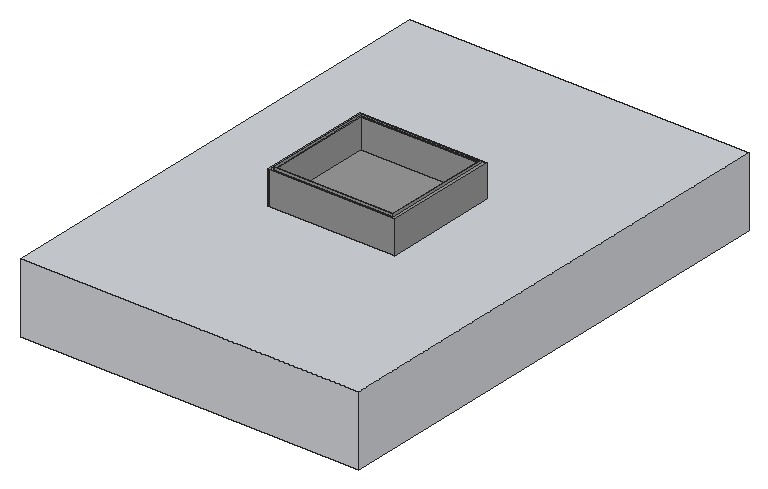
Revit family "Hager-Univers-IP30-D160-Cl.II-FWB-encl--NL-en", category Equipement électrique, Revit 2020
Family settings
  Hôte = Face
  Configuration du panneau = Deux colonnes, circuits au sein
  Cote de connecteur circulaire = Utiliser le diamètre
  Type d'élément = Tableau de raccordement
  Couper avec des vides une fois chargée = Non
  Partagée = Non
  Point de calcul de pièce = Non
Parameters (values of type "Surface mounted (plaster) IP30 W550 H500 D160  - FWQ32D1")
  Width Control [instance] = if([EF000008 - Width] > Min Width, [EF000008 - Width], Min Width)  # 550 mm
  Commentaires du type = [HG000003 - Range]  # "Univers"
  Thickness Door [instance] = if([EF009171 - Material plate thickness door/cover] > 3 mm, 3 mm, [EF009171 - Material plate thickness door/cover])  # 1 mm
  Seal Frame Offset [instance] = 17 mm  # constant formula
  Plinth Visibility [instance] = [HG000027 - Plinth height] > 0 mm  # no
  Model = ""
  Min Width [instance] = 100 mm  # constant formula
  Min Height [instance] = 100 mm  # constant formula
  Min Depth [instance] = (2 * [EF009170 - Material plate thickness cabinet]) + 1 mm  # 3 mm
  Internal Frame Depth [instance] = (Door System Depth * 0.5)  # 9 mm
  Height Control [instance] = if([EF000040 - Height] > Min Height, [EF000040 - Height], Min Height)  # 500 mm
  HG000027 - Plinth height = 0 mm
  HG000026 - Floor standing = no
  HG000024 - Bottom section height = 800 mm
  HG000023 - Double section enclosure = no
  HG000016 - Door 3d visibility [instance] = yes
  HG000015 - Clearance visibility [instance] = no
  HG000014 - Door on the right [instance] = yes
  HG000013 - Door on the left [instance] = not([HG000014 - Door on the right])  # no
  HG000012 - Door swing angle [instance] = 30.00°
  HG000010 - Asymmetric doors = no
  HG000009 - Double swing door = no
  HG000006 - Flush mounted = no
  HG000004 - Manufacturer reference = "FWQ32D1"
  HG000003 - Range = "Univers"
  HG000002 - With door or cover = no
  Frame Offset Bottom [instance] = 10 mm  # constant formula
  Frame Offset [instance] = 15 mm  # constant formula
  EF015940 - Cover with overpressure release = no
  EF011959 - Degree of protection (NEMA) = ""
  EF009554 - Number of openings for flange plates = 4
  EF009212 - Cover model = "EV009916 - With notch"
  EF009171 - Material plate thickness door/cover = 1 mm
  EF009170 - Material plate thickness cabinet = 1 mm
  Fabricant = "Hager"  # constant formula
  EF008873 - Nominal current (In) = 125 A
  EF007800 - Suitable for lightning protection = no
  EF006306 - With lock = no
  EF006244 - Transparent cover/door = no
  EF005474 - Degree of protection (IP) = "EV006410 - IP30"
  EF004464 - Type of door = "EV002646 - Single"
  EF004427 - Number of modules = 72
  EF004293 - Impact strength = ""
  EF003532 - Suitable for outdoor use = no
  EF002950 - Width in number of modular spacings = 24
  EF001613 - Circuit integrity = "EV000494 - None"
  EF001596 - Material housing = "EV000179 - Steel"
  EF001131 - Internal depth = 160 mm
  EF001088 - Extension possible = yes
  EF000437 - Number of conduit inlets = 8
  EF000339 - Type of cover = "EV001012 - Cover"
  EF000266 - Number of rows = 6
  EF000218 - Built-in depth = 0 mm
  EF000118 - With mounting plate = yes
  EF000116 - RAL-number = "9010"
  EF000049 - Depth = 160 mm
  EF000040 - Height = 500 mm
  EF000008 - Width = 550 mm
  EF000007 - Colour = "EV000202 - White"
  EF000003 - Mounting method = "EV000384 - Surface mounted (plaster)"
  Door System Leaf Tolerance [instance] = 1.5 mm  # constant formula
  Door System Depth [instance] = 18 mm  # constant formula
  Door Height [instance] = Height Control - [HG000027 - Plinth height]  # 500 mm
  Depth Control [instance] = if([EF000049 - Depth] > Min Depth, [EF000049 - Depth], Min Depth)  # 160 mm
  Default Elevation = 0 mm
  Connector Offset [instance] = Height Control / 2  # 250 mm
  Bottom Top Plate Trim [instance] = 1.5 mm  # constant formula
  Plinth height Ctrl [instance] = if([HG000027 - Plinth height] > 0 mm, [HG000027 - Plinth height], 12 mm)  # 12 mm
Types (2, lengths in mm): name | Width Control | Thickness Door | Min Depth | HG000004 - Manufacturer reference | EF009554 - Number of openings for flange plates | EF009171 - Material plate thickness door/cover | EF009170 - Material plate thickness cabinet | EF004427 - Number of modules | EF002950 - Width in number of modular spacings | EF000437 - Number of conduit inlets | EF000266 - Number of rows | EF000008 - Width
  Surface mounted (plaster) IP30 W300 H500 D160  - FWQ31D1 | 300 | 2 | 5 | "FWQ31D1" | 2 | 2 | 2 | 36 | 12 | 4 | 3 | 300
  Surface mounted (plaster) IP30 W550 H500 D160  - FWQ32D1 | 550 | 1 | 3 | "FWQ32D1" | 4 | 1 | 1 | 72 | 24 | 8 | 6 | 550
Reference planes
  plane 1 "Center (Front/Back)": y = 0
  plane 2: z = 0
  plane 3 "Center (Left/Right)": x = 0
  plane 4: z = 160
  plane 5: y = 1
  plane 6: y = 250
  plane 7: y = 0
  plane 8: y = 500
  plane 9: z = 0
  plane 10: x = -260
  plane 11: x = 260
  plane 12: x = 259
  plane 13: x = -259
  plane 14: y = 499
  plane 15: x = -258
  plane 16: x = -275
  plane 17: x = 258
  plane 18: x = 275
  plane 19: x = 274
  plane 20: x = -274
  plane 21: y = 11
  plane 22: y = 500
  plane 23: y = 484
  plane 24: z = 142
  plane 25: z = 1
  plane 26: z = 141
  plane 27: z = 159
Forms (mm)
  Extrusion 1, solid
    sketch origin (0, 0, 0) x (1, 0, 0) y (0, 1, 0)
      loop
        line (-702.964, 1305) -> (-702.964, -811.445) -> (766.763, -811.445) -> (766.763, 1305) -> (-702.964, 1305)
    from 0 to -304.8
  Extrusion 2, solid, material "Hager_Steel_RAL7035_Light_Grey", visible <- "Plinth Visibility", detail levels medium+fine
    sketch origin (0, 0, 0) x (1, 0, 0) y (0, 1, 0)
      loop
        line (-275, 0) -> (275, 0) -> (275, 12) -> (-275, 12) -> (-275, 0)
    from 0 to 142
  Extrusion 3, solid, material "Hager_Steel_RAL7035_Light_Grey", detail levels medium+fine
    sketch origin (0, 0, 0) x (1, 0, 0) y (0, 1, 0)
      loop
        line (-275, 0) -> (275, 0) -> (275, 500) -> (-275, 500) -> (-275, 0)
    from 0 to 142
  Extrusion 4, void
    sketch origin (0, 0, 0) x (1, 0, 0) y (0, 1, 0)
      loop
        line (-274, 1) -> (274, 1) -> (274, 499) -> (-274, 499) -> (-274, 1)
    from 1 to 141
  Extrusion 5, void
    sketch origin (-381.607, -4572, 142) x (0, -1, 0) y (-1, 0, 0)
      loop
        line (-4583, -122.607) -> (-5056, -122.607) -> (-5056, -640.607) -> (-4583, -640.607) -> (-4583, -122.607)
    from 0 to 1 <- "EF009170 - Material plate thickness cabinet"
  Extrusion 6, solid, material "Hager_Steel_RAL7035_Light_Grey", detail levels fine
    sketch origin (0, 0, 142) x (1, 0, 0) y (0, 1, 0)
      loop
        line (-259, 484) -> (-259, 11) -> (259, 11) -> (259, 484) -> (-259, 484)
      loop
        line (-260, 10) -> (260, 10) -> (260, 485) -> (-260, 485) -> (-260, 10)
    from 0 to 9 <- "Internal Frame Depth"
  Extrusion 7, solid, material "Hager_Steel_RAL7035_Light_Grey", detail levels coarse
    sketch origin (0, 0, 0) x (1, 0, 0) y (0, 1, 0)
      loop
        line (-275, 0) -> (275, 0) -> (275, 500) -> (-275, 500) -> (-275, 0)
    from 0 to 160
  Sweep 8, void
    path in 3D
      loop
        line (-275, 12, 0) -> (275, 12, 0) -> (275, 12, 142) -> (-275, 12, 142) -> (-275, 12, 0)
    profile origin (-275, 12, 71) x (-1, 0, 0) y (0, -1, 0)
      loop
        line (0, 0) -> (0, 1.5) -> (-1.5, 1.5)
        arc (-1.5, 1.5) -> (-1.061, 0.439) -> (0, 0) r 1.5
Cuts and joins
  Extrusion 4, Extrusion 5 cuts Extrusion 3
  Sweep 8 cuts Extrusion 2
Lines and regions (mm)
  Masking region 1
    outline origin (0, 0, 0) x (1, 0, 0) y (0, 0, 1)
      loop
        line (-275, 160) -> (-275, 0) -> (275, 0) -> (275, 160) -> (-275, 160)
  Masking region 2, detail levels medium+fine
    outline origin (0, 140, 0) x (0, 1, 0) y (0, 0, 1)
      loop
        line (-140, 0) -> (360, 0) -> (360, 142) -> (-140, 142) -> (-140, 0)
  Masking region 3, not visible, detail levels medium+fine
    outline origin (0, 297.922, 0) x (0, 1, 0) y (0, 0, 1)
      loop
        line (-36.422, 0) -> (3.578, 0) -> (3.578, 149)
        arc (3.578, 149) -> (0.649, 156.071) -> (-6.422, 159) r 10
        line (-6.422, 159) -> (-36.422, 159) -> (-36.422, 0)
  Masking region 4, detail levels coarse
    outline origin (0, 0, 180) x (0, 1, 0) y (0, 0, 1)
      loop
        line (0, -180) -> (500, -180) -> (500, -20) -> (0, -20) -> (0, -180)
  Masking region 5, visible <- "Plinth Visibility", detail levels medium+fine
    outline origin (0, 52.24, 12.345) x (0, 0, -1) y (0, 1, 0)
      loop
        line (10.845, -40.24) -> (-128.155, -40.24)
        arc (-128.155, -40.24) -> (-128.594, -41.301) -> (-129.655, -41.74) r 1.5
        line (-129.655, -41.74) -> (-129.655, -52.24) -> (12.345, -52.24) -> (12.345, -41.74)
        arc (12.345, -41.74) -> (11.285, -41.301) -> (10.845, -40.24) r 1.5
  Masking region 6, detail levels medium+fine
    outline origin (-381.607, -4572, 142) x (-1, 0, 0) y (0, -1, 0)
      loop
        line (-106.607, -5072) -> (-106.607, -4572) -> (-656.607, -4572) -> (-656.607, -5072) -> (-106.607, -5072)
  Masking region 7, visible <- "Plinth Visibility", detail levels medium+fine
    outline origin (-381.607, -4727, 142) x (-1, 0, 0) y (0, -1, 0)
      loop
        arc (-108.107, -4739) -> (-107.668, -4737.939) -> (-106.607, -4737.5) r 1.5
        line (-106.607, -4737.5) -> (-106.607, -4727) -> (-656.607, -4727) -> (-656.607, -4737.5)
        arc (-656.607, -4737.5) -> (-655.546, -4737.939) -> (-655.107, -4739) r 1.5
        line (-655.107, -4739) -> (-108.107, -4739)
  Masking region 8, detail levels coarse
    outline origin (-442.548, -4669.526, 142) x (-1, 0, 0) y (0, -1, 0)
      loop
        line (-167.548, -5169.526) -> (-167.548, -4669.526) -> (-717.548, -4669.526) -> (-717.548, -5169.526) -> (-167.548, -5169.526)
  sketch lines
    curve 1: line (-275, 12, 142) -> (-275, 12, 0)
    curve 2: line (275, 12, 142) -> (-275, 12, 142)
    curve 3: line (275, 12, 142) -> (275, 12, 0)
    curve 4: line (-275, 12, 0) -> (275, 12, 0)
Dimensions and locks
  "Depth Control": plane 4 to Extrusion 1
  "HG000027 - Plinth height": plane 1 "Center (Front/Back)" to plane 7
  "EF009170 - Material plate thickness cabinet": plane 5 to plane 7
  locked: connector elem to plane 3 "Center (Left/Right)"
  equal spacing: plane 8, plane 6, plane 7
  locked: connector elem to plane 6
  "EF009170 - Material plate thickness cabinet": plane 8 to plane 14
  "EF009170 - Material plate thickness cabinet": plane 10 to plane 13
  "EF009170 - Material plate thickness cabinet": plane 12 to plane 11
  "Frame Offset": plane 20 to plane 13
  "Frame Offset": plane 12 to plane 19
  "EF009170 - Material plate thickness cabinet": plane 16 to plane 20
  "EF009170 - Material plate thickness cabinet": plane 19 to plane 18
  "Seal Frame Offset": plane 16 to plane 15
  "Seal Frame Offset": plane 17 to plane 18
  "Frame Offset Bottom": plane 21 to plane 5
  "Frame Offset": plane 14 to plane 23
  equal spacing: plane 16, plane 3 "Center (Left/Right)", plane 18
  "Width Control": plane 16 to plane 18
  "EF009170 - Material plate thickness cabinet": plane 4 to plane 27
  "EF009170 - Material plate thickness cabinet": plane 24 to plane 26
  "EF009170 - Material plate thickness cabinet": plane 25 to level
  "Door System Depth": plane 4 to plane 24
  "Height Control": plane 1 "Center (Front/Back)" to Extrusion 7 sketch curve
  "Height Control": Masking region 4 sketch curve to plane 1 "Center (Front/Back)"
  "Height Control": plane 1 "Center (Front/Back)" to plane 22
  "Bottom Top Plate Trim": profile plane to Sweep 8 sketch curve
  "Bottom Top Plate Trim": Sweep 8 sketch curve to profile plane
  "Plinth height Ctrl": plane 1 "Center (Front/Back)" to Extrusion 2 sketch curve
  "Plinth height Ctrl": Masking region 5 sketch curve to plane 1 "Center (Front/Back)"
  "Plinth height Ctrl": plane 1 "Center (Front/Back)" to Masking region 7 sketch curve
  "Thickness Door": Extrusion 6 sketch curve to Extrusion 6 sketch curve  (x3)
  "Thickness Door": cut or joined group of Extrusion 3, Extrusion 4, Extrusion 5 to Extrusion 6 sketch curve
  radius of Masking region 3 sketch curve = 10 mm
  "Bottom Top Plate Trim": radius of Masking region 5 sketch curve  (x2)
  "Bottom Top Plate Trim": radius of Sweep 8 sketch curve
  "Bottom Top Plate Trim": radius of Masking region 7 sketch curve  (x2)
  aligned and locked: plane 2 to Extrusion 1
  aligned and locked: level to Extrusion 1
  aligned and locked: level to Masking region 1 sketch curve
  aligned and locked: Masking region 1 sketch curve to plane 18
  aligned and locked: Masking region 1 sketch curve to plane 16
  aligned and locked: plane 7 to Masking region 2 sketch curve
  aligned and locked: level to Masking region 3 sketch curve
  aligned and locked: Masking region 3 sketch curve to plane 27
  aligned and locked: level to Masking region 2 sketch curve
  aligned and locked: plane 1 "Center (Front/Back)" to Extrusion 2 sketch curve
  aligned and locked: Extrusion 3 sketch curve to plane 7
  aligned and locked: plane 16 to Extrusion 3 sketch curve
  aligned and locked: plane 18 to Extrusion 3 sketch curve
  aligned and locked: plane 20 to Extrusion 4 sketch curve
  aligned and locked: plane 19 to Extrusion 4 sketch curve
  aligned and locked: Extrusion 4 sketch curve to plane 5
  aligned and locked: Extrusion 4 to plane 25
  aligned and locked: plane 26 to Extrusion 4
  aligned and locked: plane 24 to Extrusion 3
  aligned and locked: Extrusion 5 sketch curve to plane 21
  aligned and locked: Extrusion 5 sketch curve to plane 13
  aligned and locked: Extrusion 5 sketch curve to plane 12
  aligned and locked: plane 18 to Extrusion 7 sketch curve
  aligned and locked: plane 1 "Center (Front/Back)" to Extrusion 7 sketch curve
  aligned and locked: plane 16 to Extrusion 7 sketch curve
  aligned and locked: plane 4 to Extrusion 7
  aligned and locked: Extrusion 7 to level
  aligned and locked: level to Masking region 4 sketch curve
  aligned and locked: Masking region 4 sketch curve to plane 1 "Center (Front/Back)"
  aligned and locked: Masking region 4 sketch curve to plane 4
  aligned and locked: nested 1 to level
  aligned and locked: nested 1 to plane 16
  aligned and locked: plane 8 to Extrusion 3 sketch curve
  aligned and locked: plane 23 to Extrusion 5 sketch curve
  aligned and locked: plane 14 to Extrusion 4 sketch curve
  aligned and locked: Masking region 2 sketch curve to plane 8
  aligned and locked: level to Masking region 5 sketch curve
  aligned and locked: plane 16 to Extrusion 2 sketch curve
  aligned and locked: plane 18 to Extrusion 2 sketch curve
  aligned and locked: Masking region 5 sketch curve to plane 24
  aligned and locked: Masking region 2 sketch curve to plane 24
  aligned and locked: plane 24 to Extrusion 2
  aligned and locked: profile plane to Sweep 8 sketch curve  (x2)
  aligned and locked: Masking region 6 sketch curve to plane 18
  aligned and locked: Masking region 6 sketch curve to plane 22
  aligned and locked: Masking region 6 sketch curve to plane 16
  aligned and locked: plane 8 to plane 22
  aligned and locked: plane 7 to Masking region 6 sketch curve
  aligned and locked: Masking region 7 sketch curve to plane 16
  aligned and locked: Masking region 7 sketch curve to plane 1 "Center (Front/Back)"
  aligned and locked: Masking region 7 sketch curve to plane 18
  aligned and locked: Masking region 8 sketch curve to plane 1 "Center (Front/Back)"
  aligned and locked: Masking region 8 sketch curve to plane 18
  aligned and locked: Masking region 8 sketch curve to plane 22
  aligned and locked: Masking region 8 sketch curve to plane 16
  aligned and locked: nested 2 to plane 7
  aligned and locked: plane 3 "Center (Left/Right)" to nested 2
  aligned and locked: nested 2 to plane 24
  aligned and locked: Extrusion 6 sketch curve to cut or joined group of Extrusion 3, Extrusion 4, Extrusion 5  (x4)
Automatic sketch dimensions
  Extrusion 1 sketch curve to Extrusion 1 sketch curve = 1469.727 mm
  Extrusion 1 sketch curve to Extrusion 1 sketch curve = 2116.445 mm
  Masking region 1 sketch curve to plane 4 = 0 mm
  plane 6 to Masking region 3 sketch curve = 11.5 mm
  Masking region 3 sketch curve to Masking region 3 sketch curve = 30 mm
  Masking region 5 sketch curve to plane 1 "Center (Front/Back)" = 0 mm
Nested families
  nested 1: "Hager_Enclosure_Symbol" at (-275, 0, 0) x (1, 0, 0) z (0, -1, 0), Height <- "Depth Control", Width <- "Width Control", type "Hager_Enclosure_Symbol"
    with Width_Ctrl 550 mm, Width 550 mm, Height_Ctrl 160 mm, Height 160 mm, A_Width_Int 10.5 mm, A_Width 126 mm, A_Height_Ctrl 140 mm, A_Height 140 mm
  nested 2: "EC000058_Univers_Door" at (0, 0, 142) x (1, 0, 0) z (0, 1, 0), Leaf_Tolerance <- "Door System Leaf Tolerance", Angle <- "HG000012 - Door swing angle", Door_Depth <- "Door System Depth", Door_Left <- "HG000013 - Door on the left", Transparent <- "EF006244 - Transparent cover/door", Assymetrical <- "HG000010 - Asymmetric doors", Width <- "Width Control", Clearance <- "HG000015 - Clearance visibility", Double <- "HG000009 - Double swing door", 3d_Door <- "HG000016 - Door 3d visibility", Lock_Visibility <- "EF006306 - With lock", Width_Ctrl <- "Width Control", Door_Right <- "HG000014 - Door on the right", Door <- "HG000002 - With door or cover", Height <- "Door Height", Thickness <- "Thickness Door", type "EC000058_Univers_Door", detail levels medium+fine
    with min_wh 3 mm, Width_Ctrl 550 mm, Width 550 mm, Transparent no, Thickness 1 mm, Seal_Material Hager_Rubber, Lock_Visibility no, Lock_Material Hager_Plastic_RAL9005_Jet_Black, Leaf_Width 550 mm, Leaf_Tolerance_External_Sides 0 mm, Leaf_Tolerance 1.5 mm, Leaf_Offset 0 mm, Leaf_Height 497 mm, Leaf_2_Width 550 mm, Leaf_2_Offset 275 mm, Leaf_1_Width 550 mm, Leaf_1_Offset 275 mm, Height_Ctrl 500 mm, Height 500 mm, Glass_Material Hager_Glass, Double_Clearance_Ctrl no, Double no, Door_Right_Ctrl no, Door_Right yes, Door_Material Hager_Steel_RAL7035_Light_Grey, Door_Left_Ctrl no, Door_Left no, Door_Depth 18 mm, Door no, Clearance_Material Hager_Clearance, Clearance_Depth 550 mm, Clearance_Ctrl no, Clearance no, Assymetrical no, Angle 30.00°, 3d_Door yes
Connectors
  electrical at (0, 250, 0)
    settings: on plane 9, index 1, voltage 0 V, apparent load 0 VA, apparent load phase1 0 VA, apparent load phase2 0 VA, apparent load phase3 0 VA, power factor 1, load classification "Other", number of poles 1, system type 30, power factor state 1, is connector primary yes, connector utility no, sub classification motor no, connector description ""
Definition of nested family "Hager_Enclosure_Symbol"
  Parameters (values of type "Hager_Enclosure_Symbol")
    Width_Ctrl [instance] = if(Width > 1 mm, Width, 1 mm)  # 102.27 mm
    Width [instance] = 102.27 mm
    Height_Ctrl [instance] = if(Height > 1 mm, Height, 1 mm)  # 66.5 mm
    A_Width_Int [instance] = if(A_Width / 12 > 2 mm, A_Width / 12, 2 mm)  # 4.364 mm
    A_Width [instance] = if(A_Height_Ctrl * 0.9 > 2 mm, A_Height_Ctrl * 0.9, 2 mm)  # 52.369 mm
    A_Height_Ctrl [instance] = if(A_Height > 2 mm, A_Height, 2 mm)  # 58.188 mm
    Height [instance] = 66.5 mm
    A_Height [instance] = Height - (Height / 8)  # 58.188 mm
  Reference planes
    plane 1 "Centre (avant/arrière)": y = 0
    plane 2: z = 0
    plane 3 "Centre (gauche/droite)": x = 0
    plane 4: x = 52.369
    plane 5: y = 33.042
    plane 6: y = 41.77
    plane 7: y = 66.5
    plane 8: x = 26.184
    plane 9: y = 37.406
    plane 10: x = 102.27
    plane 11: y = 66.5
    plane 12: y = 8.313
  Lines and regions (mm)
    Filled region 1, type "Solid_Black", in view "Niveau de réf."
      outline origin (0, 0, 0) x (1, 0, 0) y (0, 1, 0)
        loop
          line (52.369, 66.5) -> (33.188, 54.536) -> (45.365, 45.006) -> (52.369, 66.5)
    Filled region 2, type "Solid_Black", in view "Niveau de réf."
      outline origin (0, 0, 0) x (1, 0, 0) y (0, 1, 0)
        loop
          line (0, 0) -> (102.27, 0) -> (102.27, 66.5) -> (0, 0)
    detail lines, in view "Niveau de réf."
      curve 1: line (0, 8.313, 0) -> (26.184, 41.77, 0)
      curve 2: line (26.184, 41.77, 0) -> (26.184, 33.042, 0)
      curve 3: line (26.184, 33.042, 0) -> (52.369, 66.5, 0)
  Dimensions and locks
    "A_Width": plane 3 "Centre (gauche/droite)" to plane 4
    equal spacing: plane 3 "Centre (gauche/droite)", plane 8, plane 4
    equal spacing: plane 6, plane 9, plane 5
    equal spacing: curve 3, Filled region 1 sketch curve, Filled region 1 sketch curve
    "Height_Ctrl": plane 1 "Centre (avant/arrière)" to plane 11
    "A_Height_Ctrl": plane 11 to plane 12
    equal spacing: plane 11, plane 9, plane 12
    "A_Width_Int": plane 6 to plane 9
    "Width_Ctrl": plane 3 "Centre (gauche/droite)" to plane 10
    angle Filled region 1 sketch curve to curve 3 = 20.00°
    angle curve 3 to Filled region 1 sketch curve = 20.00°
    locked: curve 3 to Filled region 1 sketch curve (angle 90.00°)
    aligned and locked: plane 10 to Filled region 2
    aligned and locked: plane 11 to Filled region 2 sketch curve
    aligned and locked: plane 10 to Filled region 2 sketch curve
    aligned and locked: plane 3 "Centre (gauche/droite)" to curve 1
    aligned and locked: plane 12 to curve 1
    aligned and locked: plane 7 to plane 11
  Automatic sketch dimensions
    Filled region 1 sketch curve to plane 4 = 0 mm
    Filled region 1 sketch curve to plane 7 = 0 mm
    plane 1 "Centre (avant/arrière)" to Filled region 2 sketch curve = 0 mm
    Filled region 2 sketch curve to plane 3 "Centre (gauche/droite)" = 0 mm
    curve 2 to plane 6 = 0 mm
    curve 2 to plane 8 = 0 mm
    curve 3 to plane 4 = 0 mm
    curve 2 to plane 5 = 0 mm
    curve 3 to plane 7 = 0 mm
Definition of nested family "EC000058_Univers_Door"
  Parameters (values of type "EC000058_Univers_Door")
    min_wh [instance] = (2 * Thickness) + 1 mm  # 11 mm
    Width_Ctrl [instance] = 400 mm
    Width [instance] = 500 mm
    Transparent [instance] = yes
    Thickness [instance] = 5 mm
    Seal_Material [instance] = none
    Lock_Visibility [instance] = yes
    Lock_Material [instance] = none
    Leaf_Width [instance] = if((Width_Ctrl - 2 * Leaf_Tolerance_External_Sides) > 0 mm, (Width_Ctrl - 2 * Leaf_Tolerance_External_Sides), min_wh)  # 400 mm
    Leaf_Tolerance_External_Sides [instance] = 0 mm  # constant formula
    Leaf_Tolerance [instance] = 1.5 mm
    Leaf_Offset [instance] = 0 mm  # constant formula
    Leaf_Height [instance] = if((Height_Ctrl - 2 * Leaf_Tolerance) > 0 mm, (Height_Ctrl - 2 * Leaf_Tolerance), min_wh)  # 497 mm
    Leaf_2_Width [instance] = if(and(and(Double, Assymetrical), Door_Left), (Leaf_Width / 3) - (Leaf_Tolerance / 2), if(and(and(Double, Assymetrical), Door_Right), (Leaf_Width / 3) * 2 - (Leaf_Tolerance / 2), if(and(Double, not(Assymetrical)), (Leaf_Width / 2) - Leaf_Tolerance, Leaf_Width)))  # 400 mm
    Leaf_2_Offset [instance] = if(and(Double, Assymetrical), Leaf_2_Width / 2, if(and(Double, not(Assymetrical)), Leaf_Width / 4, Leaf_Width / 2))  # 200 mm
    Leaf_1_Width [instance] = if(and(and(Double, Assymetrical), Door_Right), (Leaf_Width / 3) - (Leaf_Tolerance / 2), if(and(and(Double, Assymetrical), Door_Left), (Width / 3) * 2 - (Leaf_Tolerance / 2), if(and(Double, not(Assymetrical)), (Leaf_Width / 2) - Leaf_Tolerance, Leaf_Width)))  # 400 mm
    Leaf_1_Offset [instance] = if(and(Double, Assymetrical), Leaf_1_Width / 2, if(and(Double, not(Assymetrical)), Leaf_Width / 4, Leaf_Width / 2))  # 200 mm
    Height_Ctrl [instance] = if(Height > min_wh, Height, min_wh)  # 500 mm
    Height [instance] = 500 mm
    Glass_Material [instance] = none
    Double_Clearance_Ctrl [instance] = and(Double, Clearance)  # no
    Double [instance] = no
    Door_Right_Ctrl [instance] = and(or(Door_Right, Double), Door)  # yes
    Door_Right [instance] = yes
    Door_Material [instance] = none
    Door_Left_Ctrl [instance] = and(or(Door_Left, Double), Door)  # no
    Door_Left [instance] = no
    Door_Depth [instance] = 30 mm
    Door [instance] = yes
    Default Elevation = 1219.2 mm
    Clearance_Material [instance] = none
    Clearance_Depth [instance] = if(Leaf_1_Width > Leaf_2_Width, Leaf_1_Width, Leaf_2_Width)  # 400 mm
    Clearance_Ctrl [instance] = and(not(Double), Clearance)  # yes
    Clearance [instance] = yes
    Assymetrical [instance] = yes
    Angle [instance] = 30.00°
    3d_Door [instance] = yes
  Reference planes
    plane 1 "Center (Front/Back)": y = 0
    plane 2 "Bottom": z = 0
    plane 3 "Center (Left/Right)": x = 0
    plane 4: z = 500
    plane 5: x = -200
    plane 6: x = 200
    plane 7: z = 500
    plane 8: x = -200
    plane 9: z = 0
    plane 10: x = 200
    plane 11: y = 0
    plane 12: z = 1.5
    plane 13: x = -600
    plane 14: y = -400
    plane 15: x = 600
    plane 16: x = 0
    plane 17: x = 0
    plane 18: x = -200
    plane 19: x = 200
    plane 20: z = 498.5
  Forms (mm)
    Extrusion 1, solid, material <- "Clearance_Material", visible <- "Double_Clearance_Ctrl"
      sketch origin (1200, 0, 0) x (1, 0, 0) y (0, 0, -1)
        loop
          line (-1800, -498.5) -> (-600, -498.5) -> (-600, 0) -> (-1800, 0) -> (-1800, -498.5)
      from 0 to -400
  Dimensions and locks
    equal spacing: plane 5, plane 3 "Center (Left/Right)", plane 6
    "Width_Ctrl": plane 5 to plane 6
    "Leaf_Offset": plane 5 to plane 8
    "Leaf_Offset": plane 6 to plane 10
    "Leaf_Offset": plane 9 to level
    "Leaf_Offset": plane 4 to plane 7
    "Height_Ctrl": plane 4 to level
    "Leaf_Tolerance": plane 12 to plane 9
    locked: plane 11 to plane 1 "Center (Front/Back)"
    "Leaf_1_Offset": plane 18 to plane 16
    "Leaf_2_Offset": plane 17 to plane 19
    "Leaf_1_Width": plane 13 to plane 8
    "Leaf_2_Width": plane 10 to plane 15
    "Clearance_Depth": plane 14 to plane 1 "Center (Front/Back)"
    "Leaf_Tolerance_External_Sides": plane 8 to plane 18
    "Leaf_Tolerance_External_Sides": plane 19 to plane 10
    "Leaf_Tolerance": plane 7 to plane 20
    aligned and locked: level to plane 2 "Bottom"
    aligned and locked: nested 1 to plane 16
    aligned and locked: nested 2 to plane 17
    aligned and locked: Extrusion 1 to plane 13
    aligned and locked: plane 15 to Extrusion 1
    aligned and locked: Extrusion 1 to plane 14
    aligned and locked: plane 12 to nested 1
    aligned and locked: nested 2 to plane 12
    aligned and locked: Extrusion 1 to plane 11
    aligned and locked: plane 20 to Extrusion 1
    aligned and locked: nested 2 to plane 11
    aligned and locked: nested 1 to plane 11
  Automatic sketch dimensions
    Extrusion 1 sketch curve to level = 0 mm
    plane 5 to Extrusion 1 sketch curve = 400 mm
    plane 6 to Extrusion 1 sketch curve = 400 mm
    Extrusion 1 sketch curve to plane 4 = 1.5 mm
  Nested families
    nested 1: "EC000058_Univers_Door_Leaf" at (0, 0, 1.5), Width <- "Leaf_1_Width", visible <- "Door_Left_Ctrl", Leaf_Height <- "Leaf_Height", Angle <- "Angle", 3d_Door <- "3d_Door", Transparent <- "Transparent", Clearance Material <- "Clearance_Material", Clearance <- "Clearance_Ctrl", Door_Material <- "Door_Material", Glass_Material <- "Glass_Material", Door_Depth <- "Door_Depth", Lock_Material <- "Lock_Material", Seal_Material <- "Seal_Material", Lock_Visibility <- "Lock_Visibility", Thickness <- "Thickness", type "EC000058_Univers_Door_Leaf"
      with Width 400 mm, Transparent_Glass_Offset 30 mm, Transparent_Ctrl yes, Transparent yes, Thickness 5 mm, Standard no, Seal_Material none, Seal_D2 8 mm, Seal_D1 1 mm, Offset_Internal_Frame 10 mm, Lock_Width 20 mm, Lock_Visibility_3d yes, Lock_Visibility yes, Lock_Thickness_3 3 mm, Lock_Thickness_2 1 mm, Lock_Thickness_1 3 mm, Lock_Radius_Offset_2 16 mm, Lock_Radius_Offset_1 15 mm, Lock_Radius_2 5 mm, Lock_Radius 6 mm, Lock_Offset 5 mm, Lock_Material none, Lock_Height 80 mm, Lock_Cover_Top_Offset_2d 17 mm, Lock_Cover_Height -65 mm, Leaf_Height 497 mm, Internal_Seal_Thickness 8 mm, Internal_Seal_Depth_2 4.5 mm, Internal_Frame_Depth 25 mm, Glass_Thickness -1 mm, Glass_Offset -2 mm, Glass_Material none, Door_Material none, Door_Depth 30 mm, Clearance Material none, Clearance yes, Angle_Ctrl 30.00°, Angle 30.00°, 3d_Door yes
    nested 2: "EC000058_Univers_Door_Leaf" at (0, 0, 1.5) x (-1, 0, 0) z (0, 0, 1), Width <- "Leaf_2_Width", visible <- "Door_Right_Ctrl", Leaf_Height <- "Leaf_Height", Angle <- "Angle", 3d_Door <- "3d_Door", Transparent <- "Transparent", Clearance Material <- "Clearance_Material", Clearance <- "Clearance_Ctrl", Door_Material <- "Door_Material", Glass_Material <- "Glass_Material", Door_Depth <- "Door_Depth", Lock_Material <- "Lock_Material", Seal_Material <- "Seal_Material", Lock_Visibility <- "Lock_Visibility", Thickness <- "Thickness", type "EC000058_Univers_Door_Leaf"
      with Width 400 mm, Transparent_Glass_Offset 30 mm, Transparent_Ctrl yes, Transparent yes, Thickness 5 mm, Standard no, Seal_Material none, Seal_D2 8 mm, Seal_D1 1 mm, Offset_Internal_Frame 10 mm, Lock_Width 20 mm, Lock_Visibility_3d yes, Lock_Visibility yes, Lock_Thickness_3 3 mm, Lock_Thickness_2 1 mm, Lock_Thickness_1 3 mm, Lock_Radius_Offset_2 16 mm, Lock_Radius_Offset_1 15 mm, Lock_Radius_2 5 mm, Lock_Radius 6 mm, Lock_Offset 5 mm, Lock_Material none, Lock_Height 80 mm, Lock_Cover_Top_Offset_2d 17 mm, Lock_Cover_Height -65 mm, Leaf_Height 497 mm, Internal_Seal_Thickness 8 mm, Internal_Seal_Depth_2 4.5 mm, Internal_Frame_Depth 25 mm, Glass_Thickness -1 mm, Glass_Offset -2 mm, Glass_Material none, Door_Material none, Door_Depth 30 mm, Clearance Material none, Clearance yes, Angle_Ctrl 30.00°, Angle 30.00°, 3d_Door yes
  Definition of nested family "EC000058_Univers_Door_Leaf"
    Parameters (values of type "EC000058_Univers_Door_Leaf")
      Width [instance] = 2000 mm
      Transparent_Glass_Offset [instance] = 30 mm
      Transparent_Ctrl [instance] = and(Transparent, [3d_Door])  # yes
      Transparent [instance] = yes
      Thickness [instance] = 5 mm
      Standard [instance] = and(not(Transparent), [3d_Door])  # no
      Seal_Material [instance] = none
      Seal_D2 [instance] = 8 mm  # constant formula
      Seal_D1 [instance] = 1 mm  # constant formula
      Offset_Internal_Frame [instance] = 10 mm  # constant formula
      Lock_Width [instance] = 20 mm  # constant formula
      Lock_Visibility_3d [instance] = and(Lock_Visibility, [3d_Door])  # yes
      Lock_Visibility [instance] = yes
      Lock_Thickness_3 [instance] = 3 mm  # constant formula
      Lock_Thickness_2 [instance] = 1 mm  # constant formula
      Lock_Thickness_1 [instance] = 3 mm  # constant formula
      Lock_Radius_Offset_2 [instance] = Lock_Radius_Offset_1 + 1 mm  # 16 mm
      Lock_Radius_Offset_1 [instance] = 15 mm  # constant formula
      Lock_Radius_2 [instance] = Lock_Radius - 1 mm  # 5 mm
      Lock_Radius [instance] = 6 mm  # constant formula
      Lock_Offset [instance] = 5 mm  # constant formula
      Lock_Material [instance] = none
      Lock_Height [instance] = 80 mm  # constant formula
      Lock_Cover_Top_Offset_2d [instance] = Lock_Radius_Offset_2 + 1 mm  # 17 mm
      Lock_Cover_Height [instance] = -(Lock_Height - Lock_Radius_Offset_1)  # -65 mm
      Leaf_Height [instance] = 2720.336 mm
      Internal_Seal_Thickness [instance] = 8 mm  # constant formula
      Internal_Seal_Depth_2 [instance] = 4.5 mm  # constant formula
      Internal_Frame_Depth [instance] = if(Door_Depth - Thickness > 5 mm, Door_Depth - Thickness, 5 mm)  # 25 mm
      Glass_Thickness [instance] = if(Thickness > 15 mm, Glass_Offset + 10 mm, -1 mm)  # -1 mm
      Glass_Offset [instance] = if(Thickness > 15 mm, -(Thickness + 10 mm) / 2, -2 mm)  # -2 mm
      Glass_Material [instance] = none
      Door_Material [instance] = none
      Door_Depth [instance] = 30 mm
      Default Elevation = 0 mm
      Clearance Material [instance] = none
      Clearance [instance] = yes
      Angle_Ctrl [instance] = if(Angle > 180.00°, 180.00°, Angle)  # 90.00°
      Angle [instance] = 90.00°
      3d_Door [instance] = yes
    Reference planes
      plane 1 "Center (Front/Back)": y = 0
      plane 2: z = 0
      plane 3 "Center (Left/Right)": x = 0
      plane 4: y = 2000
      plane 5: x = -1000
      plane 6: x = 1000
      plane 7: x = -3000
      plane 8: z = 2720.336
      plane 9: z = 30
      plane 10: z = 2690.336
      plane 11: x = 970
      plane 12: x = -970
      plane 13: y = -3
      plane 14: z = 107.833
      plane 15: y = -5
      plane 16: y = -223.314
      plane 17: x = -1000
      plane 18: z = 1360.168
      plane 19: y = 30
    Forms (mm)
      Extrusion 1, solid, material <- "Clearance Material", visible <- "Clearance"
        sketch origin (0, 0, 0) x (1, 0, 0) y (0, 0, 1)
          loop
            line (-3000, 2720.336) -> (-3000, 0) -> (1000, 0) -> (1000, 2720.336) -> (-3000, 2720.336)
        from 0 to -2000
      Extrusion 2, solid, material <- "Door_Material", visible <- "Standard", detail levels medium+fine
        sketch origin (-1000, 0, 0) x (0, 1, 0) y (-1, 0, 0)
          loop
            line (0, 30) -> (0, 25) -> (2000, 25) -> (2000, 30) -> (0, 30)
        from 0 to 2720.336 <- "Leaf_Height"
      Extrusion 3, solid, material <- "Door_Material", visible <- "Transparent_Ctrl", detail levels medium+fine
        sketch origin (-1000, 0, 0) x (0, 1, 0) y (-1, 0, 0)
          loop
            line (0, 25) -> (2000, 25) -> (2000, 30) -> (0, 30) -> (0, 25)
        from 0 to 2720.336 <- "Leaf_Height"
      Extrusion 4, void
        sketch origin (-1025, 2000, 0) x (0, 1, 0) y (0, 0, -1)
          loop
            line (-30, -2690.336) -> (-30, -30) -> (-1970, -30) -> (-1970, -2690.336) -> (-30, -2690.336)
        from 0 to 5 <- "Thickness"
      Sweep 5, solid, material <- "Seal_Material", visible <- "Transparent_Ctrl", detail levels fine
        path in 3D
          loop
            line (-1025, 30, 30) -> (-1025, 30, 2690.336) -> (-1025, 1970, 2690.336) -> (-1025, 1970, 30) -> (-1025, 30, 30)
        profile origin (-1025, 1000, 30) x (1, 0, 0) y (0, 0, 1)
          loop
            line (0, 0) -> (0, -8) -> (1, -8) -> (1, 0) -> (0, 0)
      Extrusion 6, solid, material <- "Glass_Material", visible <- "Transparent_Ctrl", detail levels medium+fine
        sketch origin (-1030, 0, 0) x (0, 1, 0) y (0, 0, -1)
          loop
            line (1970, -2690.336) -> (1970, -30) -> (30, -30) -> (30, -2690.336) -> (1970, -2690.336)
        from -2 <- "Glass_Offset" to -1 <- "Glass_Thickness"
      Extrusion 7, solid, material <- "Door_Material", visible <- "3d_Door", detail levels medium+fine
        sketch origin (-1025, 2000, 0) x (0, -1, 0) y (0, 0, -1)
          loop
            line (0, -2720.336) -> (2000, -2720.336) -> (2000, 0) -> (0, 0) -> (0, -2720.336)
          loop
            line (1995, -5) -> (5, -5) -> (5, -2715.336) -> (1995, -2715.336) -> (1995, -5)
        from 0 to 25 <- "Internal_Frame_Depth"
      Sweep 8, solid, material <- "Seal_Material", visible <- "Transparent_Ctrl", detail levels fine
        path in 3D
          loop
            line (-1025, 0, 0) -> (-1025, 2000, 0) -> (-1025, 2000, 2720.336) -> (-1025, 0, 2720.336) -> (-1025, 0, 0)
        profile origin (-1025, 0, 1360.168) x (1, 0, 0) y (0, 1, 0)
          loop
            line (0, 10) -> (2.975, 10)
            arc (2.975, 10) -> (4.053, 10.447) -> (4.5, 11.525) r 1.525
            line (4.5, 11.525) -> (4.5, 16.527)
            arc (4.5, 16.527) -> (4.069, 17.569) -> (3.027, 18) r 1.473
            line (3.027, 18) -> (0, 18) -> (0, 10)
      Extrusion 9, solid, material <- "Lock_Material", visible <- "Lock_Visibility_3d", detail levels fine
        sketch origin (-1030, 0, 0) x (0, 1, 0) y (0, 0, -1)
          loop
            arc (1993.5, -1400.168) -> (1994.561, -1399.729) -> (1995, -1398.668) r 1.5
            line (1995, -1398.668) -> (1995, -1320.168) -> (1975, -1320.168) -> (1975, -1398.668)
            arc (1975, -1398.668) -> (1975.439, -1399.729) -> (1976.5, -1400.168) r 1.5
            line (1976.5, -1400.168) -> (1993.5, -1400.168)
        from 3 <- "Lock_Thickness_1" to 0
      Blend 10, solid, material <- "Lock_Material", visible <- "Lock_Visibility_3d", detail levels fine
        base sketch origin (-1033, 0, 0) x (0, 1, 0) y (0, 0, -1)
          loop
            line (1975, -1320.168) -> (1975, -1398.668)
            arc (1975, -1398.668) -> (1975.439, -1399.729) -> (1976.5, -1400.168) r 1.5
            line (1976.5, -1400.168) -> (1993.5, -1400.168)
            arc (1993.5, -1400.168) -> (1994.561, -1399.729) -> (1995, -1398.668) r 1.5
            line (1995, -1398.668) -> (1995, -1320.168) -> (1975, -1320.168)
        top sketch origin (-1033, 0, 0) x (0, 1, 0) y (0, 0, -1)
          loop
            line (1976, -1320.168) -> (1976, -1398.668)
            arc (1976, -1398.668) -> (1976.146, -1399.022) -> (1976.5, -1399.168) r 0.5
            line (1976.5, -1399.168) -> (1993.5, -1399.168)
            arc (1993.5, -1399.168) -> (1993.854, -1399.022) -> (1994, -1398.668) r 0.5
            line (1994, -1398.668) -> (1994, -1320.168) -> (1976, -1320.168)
        from 0 to 1 <- "Lock_Thickness_2"
      Blend 11, solid, material <- "Lock_Material", visible <- "Lock_Visibility_3d", detail levels fine
        base sketch origin (-1034, 0, 0) x (0, 1, 0) y (0, 0, -1)
          loop
            line (1978, -1320.168) -> (1978, -1384.168)
            arc (1978, -1384.168) -> (1985, -1391.168) -> (1992, -1384.168) r 7
            line (1992, -1384.168) -> (1992, -1320.168) -> (1978, -1320.168)
        top sketch origin (-1034, 0, 0) x (0, 1, 0) y (0, 0, -1)
          loop
            line (1991, -1320.168) -> (1979, -1320.168) -> (1979, -1383.168)
            arc (1979, -1383.168) -> (1985, -1389.168) -> (1991, -1383.168) r 6
            line (1991, -1383.168) -> (1991, -1320.168)
        from 0 to 3 <- "Lock_Thickness_3"
      Extrusion 12, solid, material <- "Lock_Material", visible <- "Lock_Visibility_3d", detail levels fine
        sketch origin (-1030, 1975, 1320.168) x (1, 0, 0) y (0, -1, 0)
          loop
            line (-7, -19) -> (-7, -1) -> (0, -1) -> (0, 0) -> (-8, 0) -> (-8, -20) -> (0, -20) -> (0, -19) -> (-7, -19)
        from 0 to -65 <- "Lock_Cover_Height"
      Extrusion 13, void
        sketch origin (-1038, 1995, 1320.168) x (-1, 0, 0) y (0, 0, -1)
          loop
            line (-5, -65) -> (0, -65) -> (-5, -60) -> (-5, -65)
        from 0 to 20 <- "Lock_Width"
      Extrusion 14, void
        sketch origin (-1038, 1975, 1320.168) x (0, -1, 0) y (0, 0, -1)
          loop
            circle (-10, -15.995) r 6
          loop
            circle (-10, -15.995) r 5
        from 0 to 2
      Extrusion 15, solid, material <- "Lock_Material", visible <- "Lock_Visibility_3d", detail levels medium
        sketch origin (-1030, 0, 0) x (0, 1, 0) y (0, 0, -1)
          loop
            arc (1993.5, -1400.168) -> (1994.561, -1399.729) -> (1995, -1398.668) r 1.5
            line (1995, -1398.668) -> (1995, -1320.168) -> (1975, -1320.168) -> (1975, -1398.668)
            arc (1975, -1398.668) -> (1975.439, -1399.729) -> (1976.5, -1400.168) r 1.5
            line (1976.5, -1400.168) -> (1993.5, -1400.168)
        from 8 to 0
    Cuts and joins
      Extrusion 4 cuts Extrusion 3
      Extrusion 13, Extrusion 14 cuts Extrusion 9
      Extrusion 14 cuts Blend 11
      Extrusion 13, Extrusion 14 cuts Extrusion 12
      joined: Extrusion 9, Blend 10, Blend 11, Extrusion 12
      Extrusion 14 cuts Extrusion 15
    Lines and regions (mm)
      Masking region 1, visible <- "Lock_Visibility", detail levels fine
        outline origin (0, 0, 0) x (0, 1, 0) y (0, 0, 1)
          loop
            line (30, 1320.168) -> (33, 1320.168) -> (33, 1400.168) -> (30, 1400.168) -> (30, 1320.168)
      Masking region 2, visible <- "Lock_Visibility", detail levels fine
        outline origin (0, 3.143, 0) x (0, 1, 0) y (0, 0, 1)
          loop
            line (29.857, 1354.168) -> (30.857, 1354.168) -> (30.857, 1366.168) -> (29.857, 1366.168) -> (29.857, 1354.168)
      Masking region 3, detail levels medium+fine
        outline origin (0, 0, 0) x (0, 1, 0) y (0, 0, 1)
          loop
            line (0, 0) -> (30, 0) -> (30, 2720.336) -> (0, 2720.336) -> (0, 0)
      Masking region 4, detail levels medium+fine
        outline origin (0, 0, 0) x (1, 0, 0) y (0, 0, 1)
          loop
            line (-1000, 2720.336) -> (-1000, 0) -> (1000, 0) -> (1000, 2720.336) -> (-1000, 2720.336)
      Masking region 5, visible <- "Lock_Visibility", detail levels fine
        outline origin (-47.116, 0, 0) x (1, 0, 0) y (0, 0, 1)
          loop
            arc (1024.616, 1399.168) -> (1023.556, 1398.729) -> (1023.116, 1397.668) r 1.5
            line (1023.116, 1397.668) -> (1023.116, 1320.168) -> (1041.116, 1320.168) -> (1041.116, 1397.668)
            arc (1041.116, 1397.668) -> (1040.677, 1398.729) -> (1039.616, 1399.168) r 1.5
            line (1039.616, 1399.168) -> (1024.616, 1399.168)
      Masking region 6, visible <- "Lock_Visibility", detail levels medium+fine
        outline origin (-25, 0, 0) x (1, 0, 0) y (0, 0, 1)
          loop
            arc (1001.5, 1400.168) -> (1000.439, 1399.729) -> (1000, 1398.668) r 1.5
            line (1000, 1398.668) -> (1000, 1320.168) -> (1020, 1320.168) -> (1020, 1398.668)
            arc (1020, 1398.668) -> (1019.561, 1399.729) -> (1018.5, 1400.168) r 1.5
            line (1018.5, 1400.168) -> (1001.5, 1400.168)
      Masking region 7, visible <- "Lock_Visibility", detail levels fine
        outline origin (-73.735, 0, 0) x (1, 0, 0) y (0, 0, 1)
          loop
            line (1051.735, 1382.168) -> (1065.735, 1382.168) -> (1065.735, 1384.168)
            arc (1065.735, 1384.168) -> (1058.735, 1391.168) -> (1051.735, 1384.168) r 7
            line (1051.735, 1384.168) -> (1051.735, 1382.168)
      Masking region 8, visible <- "Lock_Visibility", detail levels fine
        outline origin (-73.735, 0, 0) x (1, 0, 0) y (0, 0, 1)
          loop
            line (1052.735, 1382.168) -> (1064.735, 1382.168) -> (1064.735, 1383.168)
            arc (1064.735, 1383.168) -> (1058.735, 1389.168) -> (1052.735, 1383.168) r 6
            line (1052.735, 1383.168) -> (1052.735, 1382.168)
      Masking region 9, visible <- "Lock_Visibility", detail levels fine
        outline origin (-25, 0, 0) x (1, 0, 0) y (0, 0, 1)
          loop
            line (1020, 1320.168) -> (1020, 1382.168) -> (1000, 1382.168) -> (1000, 1320.168) -> (1020, 1320.168)
      Masking region 10, detail levels medium+fine
        outline origin (0, 0, 0) x (1, 0, 0) y (0, 0, 1)
          loop
            circle (985, 1335.144) r 6
      Masking region 11, detail levels fine
        outline origin (0, 0, 0) x (1, 0, 0) y (0, 0, 1)
          loop
            circle (985, 1335.144) r 5
      Masking region 12, visible <- "Lock_Visibility", detail levels fine
        outline origin (0, 12.767, 0) x (0, 1, 0) y (0, 0, 1)
          loop
            line (20.233, 1320.168) -> (21.233, 1320.168) -> (21.233, 1399.168) -> (20.233, 1400.168) -> (20.233, 1320.168)
      Masking region 13, visible <- "Lock_Visibility", detail levels fine
        outline origin (0, 13.767, -10) x (0, 1, 0) y (0, 0, 1)
          loop
            line (20.233, 1330.168) -> (23.233, 1330.168) -> (23.233, 1399.168) -> (20.233, 1402.168) -> (20.233, 1330.168)
      Masking region 14, visible <- "Lock_Visibility", detail levels fine
        outline origin (0, 12.767, -10) x (0, 1, 0) y (0, 0, 1)
          loop
            line (20.233, 1330.168) -> (25.233, 1330.168) -> (25.233, 1399.305) -> (20.233, 1394.305) -> (20.233, 1330.168)
      Masking region 15, visible <- "Lock_Visibility", detail levels medium
        outline origin (0, 0, 0) x (0, 1, 0) y (0, 0, 1)
          loop
            line (30, 1320.168) -> (38, 1320.168) -> (38, 1400.168) -> (30, 1400.168) -> (30, 1320.168)
      Masking region 16, visible <- "Lock_Visibility", detail levels fine
        outline origin (-1000, 0, 0) x (0, 1, 0) y (-1, 0, 0)
          loop
            line (1975, 30) -> (1995, 30) -> (1995, 38) -> (1975, 38) -> (1975, 30)
          loop
            line (1979, 37) -> (1976, 37) -> (1976, 34) -> (1978, 34) -> (1979, 37)
          loop
            line (1994, 37) -> (1991, 37) -> (1992, 34) -> (1994, 34) -> (1994, 37)
      Masking region 17, visible <- "Lock_Visibility", detail levels medium
        outline origin (-1000, 0, 0) x (0, 1, 0) y (-1, 0, 0)
          loop
            line (1975, 30) -> (1995, 30) -> (1995, 38) -> (1975, 38) -> (1975, 30)
      symbolic lines
        curve 1: line (1000, 0, 0) -> (-3000, 0, 0)
        curve 2: arc (1000, 0, 0) -> (-1000, 2000, 0) -> (-3000, 0, 0) r 2000
        curve 4: line (-1030, 0, 0) -> (-1030, 2000, 0)
      reference lines
        curve 3: line (-1000, 0, 0) -> (-1000, 2000, 0)
      symbolic lines, detail levels medium+fine
        curve 5: line (-1030, 2000, 0) -> (-1025, 2000, 0)
        curve 7: line (-1025, 0, 0) -> (-1030, 0, 0)
        curve 8: line (-1025, 0, 0) -> (-1000, 0, 0)
        curve 9: line (-1000, 0, 0) -> (-1000, 2000, 0)
        curve 10: line (-1000, 2000, 0) -> (-1025, 2000, 0)
      symbolic lines, detail levels fine
        curve 6: line (-1025, 2000, 0) -> (-1025, 0, 0)
      sketch lines
        curve 11: line (-1025, 0, 2720.336) -> (-1025, 0, 0)
        curve 12: line (-1025, 2000, 0) -> (-1025, 0, 0)
        curve 13: line (-1025, 2000, 2720.336) -> (-1025, 2000, 0)
        curve 14: line (-1025, 0, 2720.336) -> (-1025, 2000, 2720.336)
        curve 15: line (-1025, 1970, 30) -> (-1025, 30, 30)
        curve 16: line (-1025, 30, 30) -> (-1025, 30, 2690.336)
        curve 17: line (-1025, 1970, 2690.336) -> (-1025, 1970, 30)
        curve 18: line (-1025, 30, 2690.336) -> (-1025, 1970, 2690.336)
      symbolic lines, visible <- "Transparent", detail levels medium+fine
        curve 19: line (-970, 0, 2690.336) -> (970, 0, 2690.336)
        curve 20: line (-970, 0, 30) -> (-970, 0, 2690.336)
        curve 21: line (970, 0, 30) -> (-970, 0, 30)
        curve 22: line (970, 0, 2690.336) -> (970, 0, 30)
    Dimensions and locks
      "Width": plane 1 "Center (Front/Back)" to plane 4
      equal spacing: plane 5, plane 3 "Center (Left/Right)", plane 6
      "Width": plane 5 to plane 6
      "Width": plane 7 to plane 5
      "Leaf_Height": plane 8 to level
      "Width": curve 5 to curve 3
      "Width": curve 3 to curve 3
      plane 8 to plane 10 = 30 mm
      plane 9 to level = 30 mm
      plane 12 to plane 5 = 30 mm
      plane 6 to plane 11 = 30 mm
      Extrusion 1 to Extrusion 4 sketch curve = 30 mm
      "Transparent_Glass_Offset": curve 3 to Extrusion 4 sketch curve
      "Transparent_Glass_Offset": Extrusion 4 sketch curve to cut or joined group of Extrusion 3, Extrusion 4  (x2)
      cut or joined group of Extrusion 3, Extrusion 4 to Extrusion 6 sketch curve = 30 mm
      "Transparent_Glass_Offset": cut or joined group of Extrusion 3, Extrusion 4 to Extrusion 4 sketch curve
      "Thickness": curve 6 to curve 4
      "Thickness": Extrusion 7 sketch curve to Extrusion 7 sketch curve  (x4)
      "Door_Depth": curve 4 to curve 3
      "Offset_Internal_Frame": profile plane to Sweep 8 sketch curve
      "Internal_Seal_Thickness": Sweep 8 sketch curve to Sweep 8 sketch curve
      "Internal_Seal_Depth_2": profile plane to Sweep 8 sketch curve
      "Seal_D1": profile plane to Sweep 5 sketch curve
      "Seal_D2": profile plane to Sweep 5 sketch curve
      "Thickness": Extrusion 2 sketch curve to Extrusion 2 sketch curve
      equal spacing: Extrusion 9 sketch curve, plane 18, Extrusion 9 sketch curve  (x2)
      equal spacing: Masking region 1 sketch curve, plane 18, Masking region 1 sketch curve
      "Lock_Height": Masking region 1 sketch curve to Masking region 1 sketch curve
      "Lock_Radius": Masking region 2 sketch curve to plane 18 to Masking region 2 sketch curve
      Masking region 2 sketch curve to Masking region 1 = 1 mm
      "Door_Depth": plane 19 to plane 1 "Center (Front/Back)"
      "Lock_Thickness_1": Masking region 1 sketch curve to plane 19
      "Lock_Width": Extrusion 9 sketch curve to Extrusion 9 sketch curve
      "Lock_Height": Extrusion 9 sketch curve to Extrusion 9 sketch curve
      "Lock_Offset": cut or joined group of Extrusion 3, Extrusion 4 to Extrusion 9 sketch curve
      equal spacing: plane 8, plane 18, level
      "Lock_Radius_Offset_1": Blend 11 sketch curve to Blend 10
      locked: Blend 10 to Blend 11 sketch curve at 2  (x2)
      locked: var sketch to Blend 11 sketch curve at 1  (x2)
      "Lock_Radius_Offset_2": Blend 11 sketch curve to Blend 10
      locked: Extrusion 12 sketch curve to Extrusion 12 sketch curve at 1  (x3)
      Masking region 6 sketch curve to Masking region 6 sketch curve = 80 mm
      "Lock_Height": Masking region 6 sketch curve to Masking region 6 sketch curve
      "Lock_Width": Masking region 6 sketch curve to Masking region 6 sketch curve
      locked: Masking region 6 to Masking region 5 sketch curve at 1  (x3)
      locked: Masking region 5 to Masking region 7 sketch curve at 2  (x2)
      "Lock_Radius_Offset_1": Masking region 5 to Masking region 7 sketch curve
      "Lock_Radius_Offset_2": Masking region 5 to Masking region 8 sketch curve
      locked: Masking region 7 to Masking region 8 sketch curve at 1  (x2)
      "Lock_Cover_Top_Offset_2d": Masking region 5 to Masking region 9 sketch curve
      equal spacing: Masking region 9, Masking region 10 sketch curve, Masking region 9
      equal spacing: Masking region 9, Masking region 11 sketch curve, Masking region 9
      Extrusion 15 sketch curve to Extrusion 15 sketch curve = 80 mm
      "Lock_Width": Extrusion 15 sketch curve to Extrusion 15 sketch curve
      "Lock_Height": Extrusion 15 sketch curve to Extrusion 15 sketch curve
      equal spacing: Extrusion 15 sketch curve, plane 18, Extrusion 15 sketch curve
      "Lock_Thickness_3": Masking region 13 sketch curve to Masking region 13 sketch curve
      "Lock_Height": Masking region 12 sketch curve to Masking region 12 sketch curve
      locked: Masking region 13 sketch curve to Masking region 1 at 8
      locked: Masking region 14 sketch curve to Masking region 13 at 1
      locked: Masking region 14 sketch curve to Masking region 1 at 10.863
      "Lock_Height": Masking region 15 sketch curve to Masking region 15 sketch curve
      "Lock_Offset": Extrusion 15 sketch curve to cut or joined group of Extrusion 3, Extrusion 4
      "Lock_Offset": plane 6 to Masking region 6 sketch curve
      radius of Sweep 8 sketch curve = 1.525 mm
      radius of Sweep 8 sketch curve = 1.473 mm
      radius of Extrusion 9 sketch curve = 1.5 mm  (x2)
      "Lock_Radius": radius of Extrusion 14 sketch curve
      "Lock_Radius_2": radius of Extrusion 14 sketch curve
      "Lock_Radius": radius of Masking region 10 sketch curve
      "Lock_Radius_2": radius of Masking region 11 sketch curve
      radius of Extrusion 15 sketch curve = 1.5 mm  (x2)
      "Angle_Ctrl": angle plane 1 "Center (Front/Back)" to curve 3
      locked: Masking region 12 sketch curve to Masking region 12 sketch curve (angle 45.00°)
      locked: Masking region 13 sketch curve to Masking region 13 sketch curve (angle 45.00°)
      locked: Masking region 14 sketch curve to Masking region 14 sketch curve (angle 45.00°)
      aligned and locked: level to plane 2
      aligned and locked: Extrusion 1 to curve 1
      aligned and locked: plane 6 to Extrusion 1
      aligned and locked: Extrusion 1 to plane 1 "Center (Front/Back)"
      aligned and locked: plane 4 to Extrusion 1
      aligned and locked: plane 8 to Extrusion 1
      aligned and locked: curve 7 to Extrusion 2 sketch curve
      aligned and locked: curve 5 to Extrusion 2 sketch curve
      aligned and locked: curve 7 to Extrusion 3 sketch curve
      aligned and locked: Extrusion 3 sketch curve to curve 4
      aligned and locked: Extrusion 3 sketch curve to curve 6
      aligned and locked: Extrusion 3 sketch curve to curve 5
      aligned and locked: curve 9 to curve 3
      aligned and locked: Extrusion 7 sketch curve to cut or joined group of Extrusion 3, Extrusion 4  (x4)
      aligned and locked: plane 17 to curve 3
      aligned and locked: plane 1 "Center (Front/Back)" to curve 3
      aligned and locked: plane 17 to plane 5
      aligned and locked: Sweep 8 sketch curve to profile plane
      aligned and locked: Sweep 5 sketch curve to profile plane  (x2)
      aligned and locked: Masking region 1 to Masking region 2 sketch curve
      aligned and locked: plane 19 to Masking region 1 sketch curve
      aligned and locked: plane 1 "Center (Front/Back)" to Masking region 3 sketch curve
      aligned and locked: plane 19 to Masking region 3 sketch curve
      aligned and locked: level to Masking region 3 sketch curve
      aligned and locked: Masking region 3 sketch curve to plane 8
      aligned and locked: plane 17 to Masking region 4 sketch curve
      aligned and locked: level to Masking region 4 sketch curve
      aligned and locked: Masking region 4 sketch curve to plane 8
      aligned and locked: plane 12 to curve 20
      aligned and locked: plane 10 to curve 19
      aligned and locked: plane 11 to curve 22
      aligned and locked: curve 21 to plane 9
      aligned and locked: Extrusion 2 sketch curve to cut or joined group of Extrusion 3, Extrusion 4
      aligned and locked: Blend 10 sketch curve to Extrusion 9  (x4)
      aligned and locked: Extrusion 9 to Blend 10 sketch curve
      aligned and locked: Blend 10 to Blend 11 sketch curve
      aligned and locked: Extrusion 12 sketch curve to Blend 11
      aligned and locked: Extrusion 12 sketch curve to Extrusion 9  (x4)
      aligned and locked: Masking region 5 sketch curve to Masking region 6
      aligned and locked: Masking region 9 sketch curve to Masking region 6  (x3)
      aligned and locked: Masking region 12 sketch curve to Masking region 1
      aligned and locked: Masking region 13 sketch curve to Masking region 1
      aligned and locked: Masking region 12 to Masking region 14
      aligned and locked: Masking region 14 sketch curve to Masking region 1
      aligned and locked: Masking region 15 sketch curve to Masking region 14
      aligned and locked: Masking region 13 sketch curve to Masking region 12
      aligned and locked: Masking region 16 sketch curve to cut or joined group of Extrusion 14, Extrusion 15  (x4)
      aligned and locked: Masking region 16 sketch curve to cut or joined group of Extrusion 9, Blend 10, Blend 11, Extrusion 12, Extrusion 13, Extrusion 14  (x6)
      aligned and locked: cut or joined group of Extrusion 9, Blend 10, Blend 11, Extrusion 12, Extrusion 13, Extrusion 14 to Masking region 16 sketch curve
      aligned and locked: Masking region 17 sketch curve to cut or joined group of Extrusion 14, Extrusion 15  (x3)
      aligned and locked: Masking region 17 sketch curve to cut or joined group of Extrusion 9, Blend 10, Blend 11, Extrusion 12, Extrusion 13, Extrusion 14
      aligned and locked: Masking region 9 to Masking region 8 sketch curve
      aligned and locked: Masking region 9 to Masking region 7 sketch curve
    Automatic sketch dimensions
      plane 1 "Center (Front/Back)" to curve 2 = 0 mm
      curve 2 to plane 5 = 0 mm
      Extrusion 1 sketch curve to level = 0 mm
      Extrusion 1 sketch curve to plane 7 = 0 mm
      Extrusion 1 sketch curve to plane 6 = 0 mm
      Extrusion 1 sketch curve to plane 8 = 0 mm
      Extrusion 3 to Extrusion 6 sketch curve = 30 mm  (x4)
      Masking region 4 sketch curve to plane 6 = 0 mm
      Blend 10 sketch curve to Extrusion 9 = 1.5 mm
      Blend 10 sketch curve to Extrusion 9 = 1 mm
      Extrusion 13 sketch curve to Extrusion 12 = 0 mm  (x2)
      Extrusion 12 to Extrusion 13 sketch curve = 3 mm
      Extrusion 13 sketch curve to Extrusion 12 = 5 mm
      Extrusion 14 sketch curve to Extrusion 14 sketch curve = 0 mm  (x2)
      Extrusion 14 sketch curve to Extrusion 12 = 10 mm
      Extrusion 14 sketch curve to Extrusion 12 = 15.995 mm
      Masking region 5 sketch curve to Masking region 5 sketch curve = 1.5 mm  (x2)
      Masking region 10 sketch curve to plane 18 = 25.024 mm
      Masking region 11 sketch curve to plane 18 = 25.024 mm
      plane 19 to Masking region 14 sketch curve = 3 mm
      Masking region 16 sketch curve to Masking region 16 sketch curve = 3 mm
      curve 4 to curve 3 = 0 mm
      Blend 10 to Blend 11 sketch curve = 0 mm
      Masking region 6 sketch curve to Masking region 6 sketch curve = 1.5 mm  (x2)
      Masking region 6 sketch curve to plane 18 = 40 mm
      plane 19 to Masking region 12 sketch curve = 3 mm
      Masking region 12 sketch curve to Masking region 12 sketch curve = 1 mm
      Masking region 15 sketch curve to plane 19 = 0 mm
      Masking region 15 sketch curve to plane 18 = 40 mm
      radius of Blend 10 sketch curve to Extrusion 9 = 1 mm
